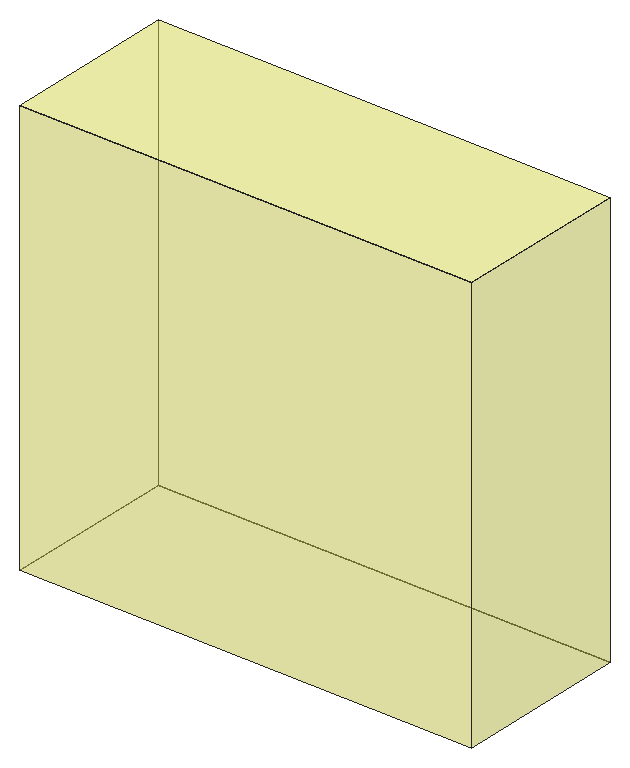
Revit family "ALG_Montageraum", category Generic Models, Revit 2015
Parameters
  ALG_Montageraum_Tiefe [instance] = 250 mm
  ALG_Montageraum_Sichtbar [instance] = yes
  ALG_Montageraum_Material = ALG_Wartungsraum
  ALG_Montageraum_Höhe [instance] = 600 mm
  ALG_Montageraum_Breite [instance] = 650 mm
Reference planes
  plane 1 "Mitte (Vorne/Hinten)": y = 0
  plane 2: z = 0
  plane 3 "Mitte (Links/Rechts)": x = 0
Forms (mm)
  Extrusion 1, solid, material "ALG_Wartungsraum" <- "ALG_Montageraum_Material", visible <- "ALG_Montageraum_Sichtbar"
    sketch origin (0, 0, 0) x (1, 0, 0) y (0, 1, 0)
      loop
        line (-325, 0) -> (-325, -250) -> (325, -250) -> (325, 0) -> (-325, 0)
    from -300 to 300
Lines and regions (mm)
  reference lines
    curve 1: line (-325, 390.703, 0) -> (-325, -718.296, 0)
    curve 2: line (325, 479.857, 0) -> (325, -718.296, 0)
    curve 3: line (-432.991, -250, 0) -> (453.486, -250, 0)
    curve 4: line (-1365.995, 0, 300) -> (1234.005, 0, 300)
    curve 5: line (-1256.599, 0, -300) -> (1234.005, 0, -300)
Dimensions and locks
  equal spacing: curve 1, plane 3 "Mitte (Links/Rechts)", curve 2
  "ALG_Montageraum_Tiefe": curve 3 to plane 1 "Mitte (Vorne/Hinten)"
  "ALG_Montageraum_Breite": curve 1 to curve 2
  equal spacing: curve 4, plane 2, curve 5
  "ALG_Montageraum_Höhe": curve 4 to curve 5
  aligned and locked: level to plane 2
  aligned and locked: Extrusion 1 to plane 1 "Mitte (Vorne/Hinten)"
  aligned and locked: curve 1 to Extrusion 1
  aligned and locked: Extrusion 1 to curve 2
  aligned and locked: curve 3 to Extrusion 1
  aligned and locked: Extrusion 1 to curve 4
  aligned and locked: curve 5 to Extrusion 1
Automatic sketch dimensions
  plane 1 "Mitte (Vorne/Hinten)" to Extrusion 1 sketch curve = 0 mm
  Extrusion 1 sketch curve to plane 3 "Mitte (Links/Rechts)" = 325 mm
  plane 3 "Mitte (Links/Rechts)" to Extrusion 1 sketch curve = 325 mm
  plane 1 "Mitte (Vorne/Hinten)" to Extrusion 1 sketch curve = 250 mm
  curve 3 to plane 3 "Mitte (Links/Rechts)" = 432.991 mm
  plane 3 "Mitte (Links/Rechts)" to curve 3 = 453.486 mm
  curve 2 to curve 3 = 468.296 mm
  curve 1 to curve 3 = 468.296 mm
  curve 1 to plane 1 "Mitte (Vorne/Hinten)" = 390.703 mm
  curve 2 to plane 1 "Mitte (Vorne/Hinten)" = 479.857 mm
  curve 4 to plane 3 "Mitte (Links/Rechts)" = 1365.995 mm
  curve 4 to curve 5 = 109.396 mm
  plane 3 "Mitte (Links/Rechts)" to curve 5 = 1234.005 mm
  curve 4 to curve 5 = 0 mm
